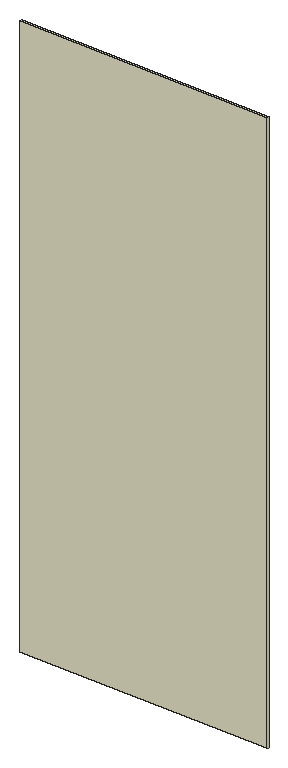
Revit family "CLAD (Smooth) Circles", category Generic Models, Revit 2017
Family settings
  Can host rebar = No
  Round Connector Dimension = Use Diameter
  Part Type = Normal
  Work Plane-Based = No
  Always vertical = Yes
  Cut with Voids When Loaded = No
  Shared = Yes
  Room Calculation Point = No
Parameters (values of type "2745 x 1200")
  Primed Finich Code = "EX27 CL-CIR"  # constant formula
  Panel_width = 1200 mm  # constant formula
  Panel_thickness = 9.5 mm  # constant formula
  Material = none
  URL = "https://www.easycraft.com.au/products/253/expression-series"
  Model = "Expression Series - Circles"  # constant formula
  Manufacturer = "Easycraft Australia Pty Ltd ph 07 3906 7200"  # constant formula
  Panel_height = 2745 mm  # constant formula
  Description = "MDF CLAD Smooth"  # constant formula
  Assembly Code = ""
Reference planes
  plane 1 "Center (Front/Back)": y = 0
  plane 2: z = 0
  plane 3 "Center (Left/Right)": x = 0
  plane 4 "Panel face": y = -9.5
  plane 5 "Panel_top": z = 2745
Forms (mm)
  Extrusion 1, solid, material "CLAD smooth"
    sketch origin (0, 0, 2720) x (0, -1, 0) y (1, 0, 0)
      loop
        line (0, 0) -> (9.5, 0) -> (9.5, 1200) -> (0, 1200) -> (0, 0)
    from -2720 to 25
Lines and regions (mm)
  model lines, style "GenericModel"
    curve 1: circle (341.97, -9.5, 1294.19) r 253.912 normal (0, -1, 0)
    curve 2: circle (680.52, -9.5, 1648.34) r 221.288 normal (0, -1, 0)
    curve 3: circle (504.33, -9.5, 2309.5) r 221.288 normal (0, -1, 0)
    curve 4: circle (598.12, -9.5, 430.57) r 213.856 normal (0, -1, 0)
    curve 5: circle (925.01, -9.5, 1322.83) r 180.794 normal (0, -1, 0)
    curve 6: circle (816.13, -9.5, 840.4) r 176.893 normal (0, -1, 0)
    curve 7: circle (493.43, -9.5, 903.62) r 139.799 normal (0, -1, 0)
    curve 8: circle (1010.29, -9.5, 1826.35) r 139.799 normal (0, -1, 0)
    curve 9: circle (351.75, -9.5, 1946.22) r 139.799 normal (0, -1, 0)
    curve 10: circle (878.16, -9.5, 2203.52) r 139.799 normal (0, -1, 0)
    curve 11: circle (344.44, -9.5, 680.58) r 122.332 normal (0, -1, 0)
    curve 12: circle (228.48, -9.5, 2551.95) r 120.386 normal (0, -1, 0)
    curve 13: circle (889.1, -9.5, 2468.33) r 115.447 normal (0, -1, 0)
    curve 14: circle (936.95, -9.5, 432.06) r 111.864 normal (0, -1, 0)
    curve 15: circle (887.69, -9.5, 142.73) r 111.669 normal (0, -1, 0)
    curve 16: circle (263.65, -9.5, 438.99) r 106.653 normal (0, -1, 0)
    curve 17: circle (692.42, -9.5, 2584.63) r 104.424 normal (0, -1, 0)
    curve 18: circle (1083.75, -9.5, 2357.03) r 103.198 normal (0, -1, 0)
    curve 19: circle (1096.1, -9.5, 2071.56) r 102.885 normal (0, -1, 0)
    curve 20: circle (101.53, -9.5, 2072.49) r 100.994 normal (0, -1, 0)
    curve 21: circle (350.01, -9.5, 1684.04) r 100.406 normal (0, -1, 0)
    curve 22: circle (682, -9.5, 1156.88) r 99.335 normal (0, -1, 0)
    curve 23: circle (249.86, -9.5, 927.87) r 97.717 normal (0, -1, 0)
    curve 24: circle (809.48, -9.5, 1960.75) r 87.661 normal (0, -1, 0)
    curve 25: circle (192.19, -9.5, 2313.52) r 83.468 normal (0, -1, 0)
    curve 26: circle (165.49, -9.5, 1669.12) r 76.396 normal (0, -1, 0)
    curve 27: circle (989.71, -9.5, 1031.58) r 71.905 normal (0, -1, 0)
    curve 28: circle (566.08, -9.5, 2009.8) r 70 normal (0, -1, 0)
    curve 29: circle (985.67, -9.5, 2634.63) r 70 normal (0, -1, 0)
    curve 30: circle (990.65, -9.5, 1577.16) r 69.938 normal (0, -1, 0)
    curve 31: circle (922.46, -9.5, 615.56) r 66.095 normal (0, -1, 0)
    curve 32: circle (1131.4, -9.5, 1006.89) r 64.735 normal (0, -1, 0)
    curve 33: circle (256.55, -9.5, 2146.13) r 61.797 normal (0, -1, 0)
    curve 34: circle (81.46, -9.5, 1003.36) r 61.666 normal (0, -1, 0)
    curve 35: circle (846.72, -9.5, 1086.64) r 59.98 normal (0, -1, 0)
    curve 36: circle (528.55, -9.5, 700.87) r 57.589 normal (0, -1, 0)
    curve 37: circle (707.76, -9.5, 2082.45) r 57.037 normal (0, -1, 0)
    curve 38: circle (1138.24, -9.5, 2516.57) r 57.037 normal (0, -1, 0)
    curve 39: circle (851.09, -9.5, 2642.34) r 56.775 normal (0, -1, 0)
    curve 40: circle (56.23, -9.5, 2360.25) r 55.247 normal (0, -1, 0)
    curve 41: circle (58.88, -9.5, 2480.9) r 52.97 normal (0, -1, 0)
    curve 42: circle (681.91, -9.5, 160.71) r 52.796 normal (0, -1, 0)
    curve 43: circle (364.71, -9.5, 2665.31) r 51.577 normal (0, -1, 0)
    curve 44: circle (649.49, -9.5, 1367.19) r 50.736 normal (0, -1, 0)
    curve 45: circle (170.87, -9.5, 1868.27) r 50.557 normal (0, -1, 0)
    curve 46: circle (942.7, -9.5, 2015.33) r 49.881 normal (0, -1, 0)
    curve 47: circle (401.5, -9.5, 2565.87) r 48.817 normal (0, -1, 0)
    curve 48: circle (1058.04, -9.5, 200.43) r 47.277 normal (0, -1, 0)
    curve 49: circle (801.05, -9.5, 608.12) r 47.345 normal (0, -1, 0)
    curve 50: circle (551.86, -9.5, 2660.22) r 46.595 normal (0, -1, 0)
    curve 51: circle (194.24, -9.5, 292.7) r 46.093 normal (0, -1, 0)
    curve 52: circle (1074.45, -9.5, 1127.66) r 44.218 normal (0, -1, 0)
    curve 53: circle (636.89, -9.5, 690.35) r 44.11 normal (0, -1, 0)
    curve 54: circle (1152.37, -9.5, 1338.25) r 43.672 normal (0, -1, 0)
    curve 55: circle (240.93, -9.5, 1788.65) r 43.409 normal (0, -1, 0)
    curve 56: circle (838.13, -9.5, 300.34) r 41.86 normal (0, -1, 0)
    curve 57: circle (289.01, -9.5, 277.66) r 41.503 normal (0, -1, 0)
    curve 58: circle (671.43, -9.5, 1920.79) r 40.827 normal (0, -1, 0)
    curve 59: circle (47.21, -9.5, 1340.92) r 40.678 normal (0, -1, 0)
    curve 60: circle (196.57, -9.5, 141.2) r 39.226 normal (0, -1, 0)
    curve 61: circle (183.16, -9.5, 1542.83) r 38.603 normal (0, -1, 0)
    curve 62: circle (1143.55, -9.5, 1251.81) r 37.994 normal (0, -1, 0)
    curve 63: circle (364.41, -9.5, 320.16) r 37.7 normal (0, -1, 0)
    curve 64: circle (452.54, -9.5, 1793.72) r 37.689 normal (0, -1, 0)
    curve 65: circle (115.57, -9.5, 1102.8) r 37.174 normal (0, -1, 0)
    curve 66: circle (554.74, -9.5, 1083.91) r 36.965 normal (0, -1, 0)
    curve 67: circle (1037.12, -9.5, 926.81) r 36.732 normal (0, -1, 0)
    curve 68: circle (175.09, -9.5, 1049.81) r 36.307 normal (0, -1, 0)
    curve 69: circle (546.82, -9.5, 2569.61) r 36.058 normal (0, -1, 0)
    curve 70: circle (601.71, -9.5, 97.02) r 36.004 normal (0, -1, 0)
    curve 71: circle (1033.45, -9.5, 2533.39) r 36.003 normal (0, -1, 0)
    curve 72: circle (615.13, -9.5, 1034.86) r 35.908 normal (0, -1, 0)
    curve 73: circle (40.22, -9.5, 1257.65) r 35.819 normal (0, -1, 0)
    curve 74: circle (522.4, -9.5, 1868.69) r 35.685 normal (0, -1, 0)
    curve 75: circle (480.06, -9.5, 2610.62) r 34.912 normal (0, -1, 0)
    curve 76: circle (1076.61, -9.5, 490.46) r 34.764 normal (0, -1, 0)
    curve 77: circle (126.05, -9.5, 490.9) r 34.662 normal (0, -1, 0)
    curve 78: circle (233.97, -9.5, 217.58) r 34.616 normal (0, -1, 0)
    curve 79: circle (218.87, -9.5, 577.75) r 33.836 normal (0, -1, 0)
    curve 80: circle (590.08, -9.5, 178.51) r 33.701 normal (0, -1, 0)
    curve 81: circle (734.64, -9.5, 2447.32) r 33.256 normal (0, -1, 0)
    curve 82: circle (689.19, -9.5, 1018.57) r 32.888 normal (0, -1, 0)
    curve 83: circle (105.86, -9.5, 1931.78) r 32.488 normal (0, -1, 0)
    curve 84: circle (1079.74, -9.5, 1653.73) r 31.811 normal (0, -1, 0)
    curve 85: circle (680.25, -9.5, 49.58) r 31.005 normal (0, -1, 0)
    curve 86: circle (247.38, -9.5, 1593.37) r 30.93 normal (0, -1, 0)
    curve 87: circle (593.33, -9.5, 1900.81) r 30.882 normal (0, -1, 0)
    curve 88: circle (165.88, -9.5, 2195.27) r 30.9 normal (0, -1, 0)
    curve 89: circle (610.16, -9.5, 767.59) r 30.366 normal (0, -1, 0)
    curve 90: circle (97.11, -9.5, 1824.77) r 30.288 normal (0, -1, 0)
    curve 91: circle (632.54, -9.5, 1283.12) r 29.964 normal (0, -1, 0)
    curve 92: circle (470.12, -9.5, 2682.21) r 29.916 normal (0, -1, 0)
    curve 93: circle (707.25, -9.5, 1292.63) r 29.496 normal (0, -1, 0)
    curve 94: circle (134.12, -9.5, 2425.79) r 28.565 normal (0, -1, 0)
    curve 95: circle (110.95, -9.5, 1763.52) r 28.123 normal (0, -1, 0)
    curve 96: circle (169.87, -9.5, 1954.96) r 27.825 normal (0, -1, 0)
    curve 97: circle (722.37, -9.5, 650.25) r 27.497 normal (0, -1, 0)
    curve 98: circle (102.55, -9.5, 2223.83) r 27.525 normal (0, -1, 0)
    curve 99: circle (983.15, -9.5, 288.05) r 27.357 normal (0, -1, 0)
    curve 100: circle (134.37, -9.5, 228.39) r 27.317 normal (0, -1, 0)
    curve 101: circle (761.84, -9.5, 1047.63) r 27.161 normal (0, -1, 0)
    curve 102: circle (1146.81, -9.5, 467.64) r 26.734 normal (0, -1, 0)
    curve 103: circle (436.85, -9.5, 1569.01) r 26.706 normal (0, -1, 0)
    curve 104: circle (356.12, -9.5, 1008.63) r 26.326 normal (0, -1, 0)
    curve 105: circle (750.61, -9.5, 79.43) r 26.195 normal (0, -1, 0)
    curve 106: circle (245.78, -9.5, 799.65) r 25.192 normal (0, -1, 0)
    curve 107: circle (921.8, -9.5, 284.91) r 25.088 normal (0, -1, 0)
    curve 108: circle (373.02, -9.5, 529.53) r 24.727 normal (0, -1, 0)
    curve 109: circle (171.13, -9.5, 535.65) r 24.446 normal (0, -1, 0)
    curve 110: circle (765.75, -9.5, 251.44) r 24.193 normal (0, -1, 0)
    curve 111: circle (986.18, -9.5, 30.69) r 23.972 normal (0, -1, 0)
    curve 112: circle (1102.01, -9.5, 1199.93) r 24.015 normal (0, -1, 0)
    curve 113: circle (939.89, -9.5, 1666.89) r 23.925 normal (0, -1, 0)
    curve 114: circle (271.55, -9.5, 2404.5) r 23.87 normal (0, -1, 0)
    curve 115: circle (848.74, -9.5, 546.8) r 23.193 normal (0, -1, 0)
    curve 116: circle (77.44, -9.5, 2563.99) r 23.17 normal (0, -1, 0)
    curve 117: circle (61.97, -9.5, 1675.2) r 23.073 normal (0, -1, 0)
    curve 118: circle (725.53, -9.5, 1395.94) r 22.944 normal (0, -1, 0)
    curve 119: circle (793.28, -9.5, 28.85) r 22.819 normal (0, -1, 0)
    curve 120: circle (1080.9, -9.5, 422.27) r 22.756 normal (0, -1, 0)
    curve 121: circle (81.86, -9.5, 2276.28) r 22.557 normal (0, -1, 0)
    curve 122: circle (770.61, -9.5, 2388.89) r 22.533 normal (0, -1, 0)
    curve 123: circle (29.68, -9.5, 471.39) r 22.365 normal (0, -1, 0)
    curve 124: circle (215.12, -9.5, 62.74) r 22.164 normal (0, -1, 0)
    curve 125: circle (164.83, -9.5, 1786.13) r 22.222 normal (0, -1, 0)
    curve 126: circle (174.52, -9.5, 2690.93) r 22.211 normal (0, -1, 0)
    curve 127: circle (1043.46, -9.5, 320.07) r 21.826 normal (0, -1, 0)
    curve 128: circle (338.48, -9.5, 835.37) r 21.331 normal (0, -1, 0)
    curve 129: circle (287.3, -9.5, 2690.16) r 20.869 normal (0, -1, 0)
    curve 130: circle (298.54, -9.5, 1568.95) r 20.463 normal (0, -1, 0)
    curve 131: circle (225.97, -9.5, 2056.57) r 20.513 normal (0, -1, 0)
    curve 132: circle (87.61, -9.5, 187.13) r 20.439 normal (0, -1, 0)
    curve 133: circle (805.89, -9.5, 2352.43) r 20.185 normal (0, -1, 0)
    curve 134: circle (593.79, -9.5, 1416.95) r 20.047 normal (0, -1, 0)
    curve 135: circle (673.25, -9.5, 1991.63) r 20 normal (0, -1, 0)
    curve 136: circle (342.67, -9.5, 2116.96) r 20 normal (0, -1, 0)
    curve 137: circle (758.62, -9.5, 2336.74) r 20 normal (0, -1, 0)
    curve 138: circle (1080.12, -9.5, 2587.4) r 20 normal (0, -1, 0)
    curve 139: circle (150.09, -9.5, 354.56) r 19.585 normal (0, -1, 0)
    curve 140: circle (1059.72, -9.5, 369.37) r 19.336 normal (0, -1, 0)
    curve 141: circle (1028.66, -9.5, 119.21) r 19.213 normal (0, -1, 0)
    curve 142: circle (89.08, -9.5, 443.69) r 19.17 normal (0, -1, 0)
    curve 143: circle (720.77, -9.5, 1348.26) r 19.07 normal (0, -1, 0)
    curve 144: circle (479.32, -9.5, 2552.65) r 18.797 normal (0, -1, 0)
    curve 145: circle (87.46, -9.5, 1879.3) r 18.572 normal (0, -1, 0)
    curve 146: circle (80.13, -9.5, 1720.25) r 18.333 normal (0, -1, 0)
    curve 147: circle (48.03, -9.5, 1748.84) r 18.021 normal (0, -1, 0)
    curve 148: circle (232.65, -9.5, 2696.75) r 17.854 normal (0, -1, 0)
    curve 149: circle (136.02, -9.5, 164.58) r 17.393 normal (0, -1, 0)
    curve 150: circle (51.8, -9.5, 1851.62) r 16.801 normal (0, -1, 0)
    curve 151: circle (186.06, -9.5, 2417.18) r 16.592 normal (0, -1, 0)
    curve 152: circle (295.86, -9.5, 815.33) r 16.091 normal (0, -1, 0)
    curve 153: circle (233.42, -9.5, 1044.51) r 16.01 normal (0, -1, 0)
    curve 154: circle (66.07, -9.5, 1784.49) r 16 normal (0, -1, 0)
    curve 155: circle (135.25, -9.5, 403.53) r 15.74 normal (0, -1, 0)
    curve 156: circle (27.94, -9.5, 2554.27) r 15.627 normal (0, -1, 0)
    curve 157: circle (97.43, -9.5, 1165.22) r 15.435 normal (0, -1, 0)
    curve 158: circle (80.01, -9.5, 1206.6) r 15.148 normal (0, -1, 0)
    curve 159: circle (391.55, -9.5, 1567.4) r 14.756 normal (0, -1, 0)
    curve 160: circle (758.15, -9.5, 198.55) r 14.706 normal (0, -1, 0)
    curve 161: circle (735.84, -9.5, 2369.22) r 14.414 normal (0, -1, 0)
    curve 162: circle (721.42, -9.5, 229.16) r 14.188 normal (0, -1, 0)
    curve 163: circle (225.17, -9.5, 2412.16) r 13.645 normal (0, -1, 0)
    curve 164: circle (348.15, -9.5, 1567.01) r 13.383 normal (0, -1, 0)
    curve 165: circle (243.16, -9.5, 1545.09) r 13.069 normal (0, -1, 0)
    curve 166: circle (727.47, -9.5, 2398.7) r 12.921 normal (0, -1, 0)
    curve 167: circle (71.94, -9.5, 491.58) r 12.291 normal (0, -1, 0)
    curve 168: circle (433.36, -9.5, 2637.21) r 11.851 normal (0, -1, 0)
    curve 169: circle (506.98, -9.5, 1816.1) r 11.632 normal (0, -1, 0)
    curve 170: circle (473.42, -9.5, 1847.89) r 11.632 normal (0, -1, 0)
    curve 171: circle (524.31, -9.5, 1926.24) r 11.632 normal (0, -1, 0)
    curve 172: circle (479.19, -9.5, 2061.09) r 11.632 normal (0, -1, 0)
    curve 173: circle (138.22, -9.5, 1809.66) r 9.732 normal (0, -1, 0)
    curve 174: circle (143.48, -9.5, 1581.54) r 9.25 normal (0, -1, 0)
    curve 175: circle (269.94, -9.5, 1551.86) r 8.764 normal (0, -1, 0)
    curve 176: circle (53.24, -9.5, 1714.66) r 6.889 normal (0, -1, 0)
    curve 177: circle (204.45, -9.5, 1589.28) r 6.78 normal (0, -1, 0)
    curve 178: circle (57.26, -9.5, 1818.47) r 5.46 normal (0, -1, 0)
    curve 179: arc (1200, -9.5, 177.875) -> (1074.224, -9.5, 125.776) -> (1022.125, -9.5, 0) r 177.875
    curve 180: arc (0, -9.5, 194.643) -> (124.247, -9.5, 318.89) -> (0, -9.5, 443.137) r 124.247
    curve 181: arc (1200, -9.5, 443.137) -> (1075.753, -9.5, 318.89) -> (1200, -9.5, 194.643) r 124.247
    curve 182: arc (177.875, -9.5, 0) -> (125.776, -9.5, 125.776) -> (0, -9.5, 177.875) r 177.875
    curve 183: arc (263.787, -9.5, -1.44) -> (233.67, -9.5, 30.841) -> (202.08, -9.5, 0) r 30.87
    curve 184: arc (686.416, -9.5, 0) -> (608.57, -9.5, 32.515) -> (530.724, -9.5, 0) r 109.445
    curve 185: arc (524.109, -9.5, 0) -> (400.61, -9.5, 263.387) -> (277.111, -9.5, 0) r 160.647
    curve 186: arc (0, -9.5, 1067.132) -> (78.198, -9.5, 1145.33) -> (0, -9.5, 1223.528) r 78.198
    curve 187: arc (1200, -9.5, 1223.528) -> (1121.802, -9.5, 1145.33) -> (1200, -9.5, 1067.132) r 78.198
    curve 188: arc (0, -9.5, 1662.385) -> (43.485, -9.5, 1705.87) -> (0, -9.5, 1749.355) r 43.485
    curve 189: arc (1200, -9.5, 1749.355) -> (1156.515, -9.5, 1705.87) -> (1200, -9.5, 1662.385) r 43.485
    curve 190: arc (0, -9.5, 1751.946) -> (49.174, -9.5, 1801.12) -> (0, -9.5, 1850.294) r 49.174
    curve 191: arc (1200, -9.5, 1850.294) -> (1150.826, -9.5, 1801.12) -> (1200, -9.5, 1751.946) r 49.174
    curve 192: arc (0, -9.5, 1855.718) -> (69.262, -9.5, 1924.98) -> (0, -9.5, 1994.242) r 69.262
    curve 193: arc (1200, -9.5, 1994.242) -> (1130.738, -9.5, 1924.98) -> (1200, -9.5, 1855.718) r 69.262
    curve 194: arc (0, -9.5, 2154.469) -> (65.531, -9.5, 2220) -> (0, -9.5, 2285.531) r 65.531
    curve 195: arc (1200, -9.5, 2285.531) -> (1134.469, -9.5, 2220) -> (1200, -9.5, 2154.469) r 65.531
    curve 196: arc (0, -9.5, 498.712) -> (221.288, -9.5, 720) -> (0, -9.5, 941.288) r 221.288
    curve 197: arc (1200, -9.5, 941.288) -> (978.712, -9.5, 720) -> (1200, -9.5, 498.712) r 221.288
    curve 198: arc (0, -9.5, 2580.201) -> (107.328, -9.5, 2630.421) -> (137.546, -9.5, 2745) r 139.799
    curve 199: arc (1062.454, -9.5, 2745) -> (1092.672, -9.5, 2630.421) -> (1200, -9.5, 2580.201) r 139.799
    curve 200: arc (0, -9.5, 1380.201) -> (139.799, -9.5, 1520) -> (0, -9.5, 1659.799) r 139.799
    curve 201: arc (1200, -9.5, 1659.799) -> (1060.201, -9.5, 1520) -> (1200, -9.5, 1380.201) r 139.799
Dimensions and locks
  "Panel_thickness": plane 4 "Panel face" to plane 1 "Center (Front/Back)"
  "Panel_height": plane 5 "Panel_top" to plane 2
  "Panel_width": Extrusion 1 to Extrusion 1
  aligned and locked: level to plane 2
  aligned and locked: Extrusion 1 to level
  aligned and locked: plane 4 "Panel face" to Extrusion 1
  aligned and locked: Extrusion 1 to plane 5 "Panel_top"
Automatic sketch dimensions
  plane 1 "Center (Front/Back)" to Extrusion 1 sketch curve = 0 mm
  Extrusion 1 sketch curve to plane 3 "Center (Left/Right)" = 0 mm
  plane 4 "Panel face" to Extrusion 1 sketch curve = 0 mm
  Extrusion 1 sketch curve to Extrusion 1 sketch curve = 1200 mm
  curve 190 to plane 3 "Center (Left/Right)" = 0 mm
  curve 200 to plane 3 "Center (Left/Right)" = 0 mm
  curve 180 to plane 3 "Center (Left/Right)" = 0 mm
  curve 198 to plane 3 "Center (Left/Right)" = 0 mm
  curve 196 to plane 3 "Center (Left/Right)" = 0 mm
  curve 194 to plane 3 "Center (Left/Right)" = 0 mm
  curve 192 to plane 3 "Center (Left/Right)" = 0 mm
  curve 182 to level = 0 mm
  curve 182 to plane 3 "Center (Left/Right)" = 0 mm
  curve 186 to plane 3 "Center (Left/Right)" = 0 mm
  curve 188 to plane 3 "Center (Left/Right)" = 0 mm
  curve 183 to level = 0 mm
  curve 185 to level = 0 mm  (x2)
  curve 184 to level = 0 mm  (x2)
  curve 179 to level = 0 mm
  plane 3 "Center (Left/Right)" to curve 156 = 27.94 mm
  plane 3 "Center (Left/Right)" to curve 123 = 29.68 mm
  plane 3 "Center (Left/Right)" to curve 73 = 40.22 mm
  plane 3 "Center (Left/Right)" to curve 59 = 47.21 mm
  plane 3 "Center (Left/Right)" to curve 147 = 48.03 mm
  plane 3 "Center (Left/Right)" to curve 150 = 51.8 mm
  curve 147 to curve 176 = 5.21 mm
  plane 3 "Center (Left/Right)" to curve 40 = 56.23 mm
  curve 150 to curve 178 = 5.46 mm
  plane 3 "Center (Left/Right)" to curve 41 = 58.88 mm
  curve 176 to curve 117 = 8.73 mm
  curve 178 to curve 154 = 8.81 mm
  curve 123 to curve 167 = 42.26 mm
  curve 156 to curve 116 = 49.5 mm
  curve 73 to curve 158 = 39.79 mm
  curve 176 to curve 146 = 26.89 mm
  plane 3 "Center (Left/Right)" to curve 34 = 81.46 mm
  plane 3 "Center (Left/Right)" to curve 121 = 81.86 mm
  curve 150 to curve 145 = 35.66 mm
  plane 3 "Center (Left/Right)" to curve 132 = 87.61 mm
  curve 167 to curve 142 = 17.14 mm
  curve 178 to curve 90 = 39.85 mm
  curve 158 to curve 157 = 17.42 mm
  plane 3 "Center (Left/Right)" to curve 20 = 101.53 mm
  curve 121 to curve 98 = 20.69 mm
  curve 145 to curve 83 = 18.4 mm
  curve 154 to curve 95 = 44.88 mm
  curve 157 to curve 65 = 18.14 mm
  curve 167 to curve 77 = 54.11 mm
  curve 41 to curve 94 = 75.24 mm
  curve 132 to curve 100 = 46.76 mm
  curve 142 to curve 155 = 46.17 mm
  curve 132 to curve 149 = 48.41 mm
  curve 90 to curve 173 = 41.11 mm
  curve 117 to curve 174 = 81.51 mm
  curve 155 to curve 139 = 14.84 mm
  curve 173 to curve 125 = 26.61 mm
  curve 174 to curve 26 = 22.01 mm
  curve 98 to curve 88 = 63.33 mm
  curve 83 to curve 96 = 64.01 mm
  curve 173 to curve 45 = 32.65 mm
  curve 77 to curve 109 = 45.08 mm
  plane 5 "Panel_top" to curve 126 = 54.07 mm
  curve 116 to curve 126 = 97.08 mm
  curve 65 to curve 68 = 59.52 mm
  curve 174 to curve 61 = 39.68 mm
  curve 94 to curve 151 = 51.94 mm
  curve 151 to curve 25 = 6.13 mm
  curve 139 to curve 51 = 44.15 mm
  curve 149 to curve 60 = 60.55 mm
  curve 61 to curve 177 = 21.29 mm
  curve 60 to curve 124 = 18.55 mm
  curve 109 to curve 79 = 47.74 mm
  curve 151 to curve 163 = 39.11 mm
  curve 96 to curve 131 = 56.1 mm
  curve 163 to curve 12 = 3.31 mm
  curve 126 to curve 148 = 58.13 mm
  curve 183 to level = 0.02 mm
  curve 124 to curve 183 = 17.83 mm
  curve 68 to curve 153 = 58.33 mm
  curve 51 to curve 78 = 39.73 mm
  curve 125 to curve 55 = 76.1 mm
  curve 177 to curve 165 = 38.71 mm
  curve 79 to curve 106 = 26.91 mm
  curve 177 to curve 86 = 42.93 mm
  curve 153 to curve 23 = 16.44 mm
  curve 131 to curve 33 = 30.58 mm
  curve 155 to curve 16 = 128.4 mm
  curve 165 to curve 175 = 26.78 mm
  curve 163 to curve 114 = 46.38 mm
  curve 148 to curve 129 = 54.65 mm
  curve 78 to curve 57 = 55.04 mm
  curve 106 to curve 152 = 50.08 mm
  curve 175 to curve 130 = 28.6 mm
  curve 152 to curve 128 = 42.62 mm
  curve 175 to curve 1 = 72.03 mm
  curve 33 to curve 136 = 86.12 mm
  curve 152 to curve 11 = 48.58 mm
  curve 130 to curve 164 = 49.61 mm
  curve 164 to curve 21 = 1.86 mm
  curve 131 to curve 9 = 125.78 mm
  curve 153 to curve 104 = 122.7 mm
  curve 57 to curve 63 = 75.4 mm
  curve 129 to curve 43 = 77.41 mm
  curve 16 to curve 108 = 109.37 mm
  curve 164 to curve 159 = 43.4 mm
  curve 124 to curve 185 = 185.49 mm
  curve 43 to curve 47 = 36.79 mm
  curve 43 to curve 168 = 68.65 mm
  curve 159 to curve 103 = 45.3 mm
  curve 21 to curve 64 = 102.53 mm
  curve 168 to curve 92 = 36.76 mm
  curve 64 to curve 170 = 20.88 mm
  curve 136 to curve 172 = 136.52 mm
  curve 47 to curve 144 = 77.82 mm
  curve 168 to curve 75 = 46.7 mm
  curve 128 to curve 7 = 154.95 mm
  curve 144 to curve 3 = 25.01 mm
  curve 170 to curve 169 = 33.56 mm
  curve 170 to curve 74 = 48.98 mm
  curve 74 to curve 171 = 1.91 mm
  curve 11 to curve 36 = 184.11 mm
  curve 144 to curve 69 = 67.5 mm
  curve 92 to curve 50 = 81.74 mm
  curve 7 to curve 66 = 61.31 mm
  curve 171 to curve 28 = 41.77 mm
  curve 185 to curve 80 = 189.47 mm
  curve 171 to curve 87 = 69.02 mm
  curve 103 to curve 134 = 156.94 mm
  curve 108 to curve 4 = 225.1 mm
  curve 80 to curve 70 = 11.63 mm
  curve 184 to level = 76.93 mm
  curve 70 to curve 184 = 6.86 mm
  curve 36 to curve 89 = 81.61 mm
  curve 66 to curve 72 = 60.39 mm
  curve 134 to curve 91 = 38.75 mm
  curve 89 to curve 53 = 26.73 mm
  curve 134 to curve 44 = 55.7 mm
  curve 87 to curve 58 = 78.1 mm
  curve 58 to curve 135 = 1.82 mm
  curve 70 to curve 85 = 78.54 mm
  curve 169 to curve 2 = 173.54 mm
  curve 80 to curve 42 = 91.83 mm
  curve 91 to curve 22 = 49.46 mm
  curve 72 to curve 82 = 74.06 mm
  curve 69 to curve 17 = 145.6 mm
  curve 91 to curve 93 = 74.71 mm
  curve 135 to curve 37 = 34.51 mm
  curve 93 to curve 143 = 13.52 mm
  curve 42 to curve 162 = 39.51 mm
  curve 53 to curve 97 = 85.48 mm
  curve 143 to curve 118 = 4.76 mm
  curve 17 to curve 166 = 35.05 mm
  curve 166 to curve 81 = 7.17 mm
  curve 166 to curve 161 = 8.37 mm
  curve 85 to curve 105 = 70.36 mm
  curve 162 to curve 160 = 36.73 mm
  curve 161 to curve 137 = 22.78 mm
  curve 82 to curve 101 = 72.65 mm
  curve 162 to curve 110 = 44.33 mm
  curve 161 to curve 122 = 34.77 mm
  level to curve 119 = 28.85 mm
  curve 105 to curve 119 = 42.67 mm
  curve 97 to curve 49 = 78.68 mm
  curve 137 to curve 133 = 47.27 mm
  curve 135 to curve 24 = 136.23 mm
  curve 97 to curve 6 = 93.76 mm
  curve 110 to curve 56 = 72.38 mm
  curve 101 to curve 35 = 84.88 mm
  curve 49 to curve 115 = 47.69 mm
  curve 17 to curve 39 = 158.67 mm
  curve 133 to curve 10 = 72.27 mm
  curve 160 to curve 15 = 129.54 mm
  curve 122 to curve 13 = 118.49 mm
  curve 56 to curve 107 = 83.67 mm
  curve 115 to curve 31 = 73.72 mm
  curve 143 to curve 5 = 204.24 mm
  curve 115 to curve 14 = 88.21 mm
  curve 2 to curve 113 = 259.37 mm
  curve 24 to curve 46 = 133.22 mm
  curve 107 to curve 99 = 61.35 mm
  curve 39 to curve 29 = 134.58 mm
  level to curve 111 = 30.69 mm
  curve 15 to curve 111 = 98.49 mm
  curve 35 to curve 27 = 142.99 mm
  curve 113 to curve 30 = 50.76 mm
  curve 113 to curve 8 = 70.4 mm
  curve 111 to curve 141 = 42.48 mm
  curve 29 to curve 71 = 47.78 mm
  curve 27 to curve 67 = 47.41 mm
  curve 99 to curve 127 = 60.31 mm
  curve 141 to curve 48 = 29.38 mm
  curve 127 to curve 140 = 16.26 mm
  curve 27 to curve 52 = 84.74 mm
  curve 140 to curve 76 = 16.89 mm
  curve 30 to curve 84 = 89.09 mm
  curve 71 to curve 138 = 46.67 mm
  curve 140 to curve 120 = 21.18 mm
  curve 71 to curve 18 = 50.3 mm
  curve 46 to curve 19 = 153.4 mm
  curve 52 to curve 112 = 27.56 mm
  curve 67 to curve 32 = 94.28 mm
  curve 138 to curve 38 = 58.12 mm
  curve 112 to curve 62 = 41.54 mm
  curve 76 to curve 102 = 70.2 mm
  curve 62 to curve 54 = 8.82 mm
  curve 19 to curve 193 = 103.9 mm
  curve 112 to curve 187 = 97.99 mm
  curve 18 to curve 195 = 116.25 mm
  curve 193 to curve 191 = 0 mm
  curve 102 to curve 197 = 53.19 mm
  curve 140 to curve 181 = 140.28 mm
  plane 5 "Panel_top" to curve 199 = 25 mm
  curve 138 to curve 199 = 119.88 mm
  curve 181 to curve 179 = 0 mm
  curve 191 to curve 189 = 0 mm
  curve 189 to curve 201 = 0 mm
  level to curve 85 = 49.58 mm
  level to curve 124 = 62.74 mm
  curve 119 to curve 105 = 50.58 mm
  curve 85 to curve 70 = 47.44 mm
  level to curve 185 = 102.74 mm
  curve 111 to curve 141 = 88.52 mm
  curve 124 to curve 60 = 78.46 mm
  level to curve 15 = 142.73 mm
  curve 70 to curve 42 = 63.69 mm
  curve 60 to curve 149 = 23.38 mm
  curve 70 to curve 80 = 81.49 mm
  curve 149 to curve 132 = 22.55 mm
  curve 42 to curve 160 = 37.84 mm
  curve 141 to curve 48 = 81.22 mm
  curve 60 to curve 78 = 76.38 mm
  curve 132 to curve 100 = 41.26 mm
  curve 160 to curve 162 = 30.61 mm
  curve 162 to curve 110 = 22.28 mm
  curve 78 to curve 57 = 60.08 mm
  curve 15 to curve 107 = 142.18 mm
  curve 107 to curve 99 = 3.14 mm
  curve 78 to curve 51 = 75.12 mm
  curve 107 to curve 56 = 15.43 mm
  curve 132 to curve 180 = 131.76 mm
  curve 48 to curve 181 = 118.46 mm
  curve 99 to curve 127 = 32.02 mm
  curve 57 to curve 63 = 42.5 mm
  curve 51 to curve 139 = 61.86 mm
  curve 127 to curve 140 = 49.3 mm
  curve 139 to curve 155 = 48.97 mm
  curve 140 to curve 120 = 52.9 mm
  curve 162 to curve 4 = 201.41 mm
  curve 140 to curve 14 = 62.69 mm
  curve 155 to curve 16 = 35.46 mm
  curve 155 to curve 142 = 40.16 mm
  curve 120 to curve 102 = 45.37 mm
  curve 142 to curve 123 = 27.7 mm
  curve 120 to curve 76 = 68.19 mm
  curve 142 to curve 77 = 47.21 mm
  curve 123 to curve 167 = 20.19 mm
  curve 16 to curve 108 = 90.54 mm
  curve 77 to curve 109 = 44.75 mm
  curve 14 to curve 115 = 114.74 mm
  curve 109 to curve 79 = 42.1 mm
  curve 115 to curve 49 = 61.32 mm
  curve 115 to curve 31 = 68.76 mm
  curve 49 to curve 97 = 42.13 mm
  curve 108 to curve 11 = 151.05 mm
  curve 97 to curve 53 = 40.1 mm
  curve 53 to curve 36 = 10.52 mm
  curve 167 to curve 196 = 228.42 mm
  curve 102 to curve 197 = 252.36 mm
  curve 53 to curve 89 = 77.24 mm
  curve 11 to curve 106 = 119.07 mm
  curve 106 to curve 152 = 15.68 mm
  curve 152 to curve 128 = 20.04 mm
  curve 97 to curve 6 = 190.15 mm
  curve 128 to curve 7 = 68.25 mm
  curve 6 to curve 67 = 86.41 mm
  curve 152 to curve 23 = 112.54 mm
  curve 23 to curve 34 = 75.49 mm
  curve 67 to curve 32 = 80.08 mm
  curve 23 to curve 104 = 80.76 mm
  curve 6 to curve 82 = 178.17 mm
  curve 67 to curve 27 = 104.77 mm
  curve 82 to curve 72 = 16.29 mm
  curve 23 to curve 153 = 116.64 mm
  curve 82 to curve 101 = 29.06 mm
  curve 153 to curve 68 = 5.3 mm
  curve 72 to curve 66 = 49.05 mm
  curve 101 to curve 35 = 39.01 mm
  curve 68 to curve 65 = 52.99 mm
  curve 27 to curve 52 = 96.08 mm
  curve 65 to curve 186 = 42.53 mm
  curve 52 to curve 187 = 17.67 mm
  curve 101 to curve 22 = 109.25 mm
  curve 65 to curve 157 = 62.42 mm
  curve 52 to curve 112 = 72.27 mm
  curve 157 to curve 158 = 41.38 mm
  curve 112 to curve 62 = 51.88 mm
  curve 158 to curve 73 = 51.05 mm
  curve 22 to curve 91 = 126.24 mm
  curve 91 to curve 93 = 9.51 mm
  curve 153 to curve 1 = 249.68 mm
  curve 112 to curve 5 = 122.9 mm
  curve 62 to curve 54 = 86.44 mm
  curve 73 to curve 59 = 83.27 mm
  curve 93 to curve 143 = 55.63 mm
  curve 143 to curve 44 = 18.93 mm
  curve 143 to curve 118 = 47.68 mm
  curve 44 to curve 134 = 49.76 mm
  curve 59 to curve 200 = 179.08 mm
  curve 54 to curve 201 = 181.75 mm
  curve 200 to curve 61 = 22.83 mm
  curve 61 to curve 165 = 2.26 mm
  curve 165 to curve 175 = 6.77 mm
  curve 175 to curve 164 = 15.15 mm
  curve 164 to curve 159 = 0.39 mm
  curve 175 to curve 130 = 17.09 mm
  curve 159 to curve 103 = 1.61 mm
  curve 201 to curve 30 = 57.16 mm
  curve 61 to curve 174 = 38.71 mm
  curve 61 to curve 177 = 46.45 mm
  curve 177 to curve 86 = 4.09 mm
  curve 134 to curve 2 = 231.39 mm
  curve 30 to curve 84 = 76.57 mm
  curve 30 to curve 113 = 89.73 mm
  curve 177 to curve 26 = 79.84 mm
  curve 26 to curve 117 = 6.08 mm
  curve 164 to curve 21 = 117.03 mm
  curve 84 to curve 189 = 52.14 mm
  curve 117 to curve 188 = 30.67 mm
  curve 117 to curve 176 = 39.46 mm
  curve 176 to curve 146 = 5.59 mm
  curve 176 to curve 147 = 34.18 mm
  curve 146 to curve 95 = 43.27 mm
  curve 147 to curve 154 = 35.65 mm
  curve 95 to curve 125 = 22.61 mm
  curve 125 to curve 55 = 2.52 mm
  curve 21 to curve 64 = 109.68 mm
  curve 154 to curve 190 = 16.63 mm
  curve 189 to curve 191 = 95.25 mm
  curve 125 to curve 173 = 23.53 mm
  curve 64 to curve 169 = 22.38 mm
  curve 154 to curve 178 = 33.98 mm
  curve 178 to curve 90 = 6.3 mm
  curve 113 to curve 8 = 159.46 mm
  curve 169 to curve 170 = 31.79 mm
  curve 178 to curve 150 = 33.15 mm
  curve 173 to curve 45 = 58.61 mm
  curve 170 to curve 74 = 20.8 mm
  curve 150 to curve 145 = 27.68 mm
  curve 74 to curve 87 = 32.12 mm
  curve 87 to curve 58 = 19.98 mm
  curve 150 to curve 192 = 73.36 mm
  curve 191 to curve 193 = 123.86 mm
  curve 74 to curve 171 = 57.55 mm
  curve 145 to curve 83 = 52.48 mm
  curve 170 to curve 9 = 98.33 mm
  curve 83 to curve 96 = 23.18 mm
  curve 58 to curve 24 = 39.96 mm
  curve 58 to curve 135 = 70.84 mm
  curve 171 to curve 28 = 83.56 mm
  curve 24 to curve 46 = 54.58 mm
  curve 96 to curve 131 = 101.61 mm
  curve 28 to curve 172 = 51.29 mm
  curve 46 to curve 19 = 56.23 mm
  curve 131 to curve 20 = 15.92 mm
  curve 135 to curve 37 = 90.82 mm
  curve 131 to curve 136 = 60.39 mm
  curve 136 to curve 33 = 29.17 mm
  curve 33 to curve 88 = 49.14 mm
  curve 46 to curve 10 = 188.19 mm
  curve 88 to curve 194 = 24.73 mm
  curve 19 to curve 195 = 148.44 mm
  curve 88 to curve 98 = 28.56 mm
  curve 98 to curve 121 = 52.45 mm
  curve 172 to curve 3 = 248.41 mm
  curve 121 to curve 25 = 37.24 mm
  curve 10 to curve 137 = 133.22 mm
  curve 137 to curve 133 = 15.69 mm
  curve 195 to curve 18 = 137.03 mm
  curve 121 to curve 40 = 83.97 mm
  curve 137 to curve 161 = 32.48 mm
  curve 161 to curve 122 = 19.67 mm
  curve 161 to curve 166 = 29.48 mm
  curve 25 to curve 114 = 90.98 mm
  curve 114 to curve 163 = 7.66 mm
  curve 163 to curve 151 = 5.02 mm
  curve 151 to curve 94 = 8.61 mm
  curve 166 to curve 81 = 48.62 mm
  curve 122 to curve 13 = 79.44 mm
  curve 94 to curve 41 = 55.11 mm
  curve 18 to curve 38 = 159.54 mm
  curve 38 to curve 71 = 16.82 mm
  curve 163 to curve 12 = 139.79 mm
  plane 5 "Panel_top" to curve 144 = 192.35 mm
  curve 41 to curve 156 = 73.37 mm
  curve 156 to curve 116 = 9.72 mm
  curve 144 to curve 47 = 13.22 mm
  curve 144 to curve 69 = 16.96 mm
  curve 81 to curve 17 = 137.31 mm
  curve 71 to curve 138 = 54.01 mm
  curve 144 to curve 75 = 57.97 mm
  curve 138 to curve 29 = 47.23 mm
  curve 75 to curve 168 = 26.59 mm
  plane 5 "Panel_top" to curve 39 = 102.66 mm
  plane 5 "Panel_top" to curve 50 = 84.78 mm
  curve 168 to curve 43 = 28.1 mm
  curve 168 to curve 92 = 45 mm
  plane 5 "Panel_top" to curve 129 = 54.84 mm
  plane 5 "Panel_top" to curve 148 = 48.25 mm
  plane 5 "Panel_top" to curve 198 = 25 mm
  curve 198 to curve 126 = 36.974 mm
  curve 182 to curve 183 = 55.075 mm
  curve 182 to curve 183 = 24.206 mm
  curve 183 to level = 1.44 mm
  curve 183 to curve 185 = 13.324 mm
  curve 185 to curve 184 = 6.615 mm
  curve 111 to curve 179 = 35.945 mm
  curve 29 to curve 199 = 76.784 mm
  curve 179 to curve 181 = 16.769 mm
  curve 182 to curve 180 = 16.769 mm
  curve 181 to curve 197 = 55.575 mm
  curve 123 to curve 196 = 27.322 mm
  curve 186 to curve 186 = 78.198 mm
  curve 187 to curve 187 = 78.198 mm
  curve 54 to curve 201 = 41.951 mm
  curve 59 to curve 200 = 39.281 mm
  curve 201 to curve 189 = 2.586 mm
  curve 200 to curve 188 = 2.586 mm
  curve 189 to curve 191 = 2.591 mm
  curve 188 to curve 190 = 2.591 mm
  curve 191 to curve 193 = 5.424 mm
  curve 190 to curve 192 = 5.424 mm
  curve 195 to curve 195 = 65.531 mm
  curve 194 to curve 194 = 65.531 mm
  curve 198 to plane 5 "Panel_top" = 0 mm
  curve 199 to plane 5 "Panel_top" = 0 mm
  radius of curve 1 = 253.912 mm
  radius of curve 2 = 221.288 mm
  radius of curve 3 = 221.288 mm
  radius of curve 4 = 213.856 mm
  radius of curve 5 = 180.794 mm
  radius of curve 6 = 176.893 mm
  radius of curve 7 = 139.799 mm
  radius of curve 8 = 139.799 mm
  radius of curve 9 = 139.799 mm
  radius of curve 10 = 139.799 mm
  radius of curve 11 = 122.332 mm
  radius of curve 12 = 120.386 mm
  radius of curve 13 = 115.447 mm
  radius of curve 14 = 111.864 mm
  radius of curve 15 = 111.669 mm
  radius of curve 16 = 106.653 mm
  radius of curve 17 = 104.424 mm
  radius of curve 18 = 103.198 mm
  radius of curve 19 = 102.885 mm
  radius of curve 20 = 100.994 mm
  radius of curve 21 = 100.406 mm
  radius of curve 22 = 99.335 mm
  radius of curve 23 = 97.717 mm
  radius of curve 24 = 87.661 mm
  radius of curve 25 = 83.468 mm
  radius of curve 26 = 76.396 mm
  radius of curve 27 = 71.905 mm
  radius of curve 28 = 70 mm
  radius of curve 29 = 70 mm
  radius of curve 30 = 69.938 mm
  radius of curve 31 = 66.095 mm
  radius of curve 32 = 64.735 mm
  radius of curve 33 = 61.797 mm
  radius of curve 34 = 61.666 mm
  radius of curve 35 = 59.98 mm
  radius of curve 36 = 57.589 mm
  radius of curve 37 = 57.037 mm
  radius of curve 38 = 57.037 mm
  radius of curve 39 = 56.775 mm
  radius of curve 40 = 55.247 mm
  radius of curve 41 = 52.97 mm
  radius of curve 42 = 52.796 mm
  radius of curve 43 = 51.577 mm
  radius of curve 44 = 50.736 mm
  radius of curve 45 = 50.557 mm
  radius of curve 46 = 49.881 mm
  radius of curve 47 = 48.817 mm
  radius of curve 48 = 47.277 mm
  radius of curve 49 = 47.345 mm
  radius of curve 50 = 46.595 mm
  radius of curve 51 = 46.093 mm
  radius of curve 52 = 44.218 mm
  radius of curve 53 = 44.11 mm
  radius of curve 54 = 43.672 mm
  radius of curve 55 = 43.409 mm
  radius of curve 56 = 41.86 mm
  radius of curve 57 = 41.503 mm
  radius of curve 58 = 40.827 mm
  radius of curve 59 = 40.678 mm
  radius of curve 60 = 39.226 mm
  radius of curve 61 = 38.603 mm
  radius of curve 62 = 37.994 mm
  radius of curve 63 = 37.7 mm
  radius of curve 64 = 37.689 mm
  radius of curve 65 = 37.174 mm
  radius of curve 66 = 36.965 mm
  radius of curve 67 = 36.732 mm
  radius of curve 68 = 36.307 mm
  radius of curve 69 = 36.058 mm
  radius of curve 70 = 36.004 mm
  radius of curve 71 = 36.003 mm
  radius of curve 72 = 35.908 mm
  radius of curve 73 = 35.819 mm
  radius of curve 74 = 35.685 mm
  radius of curve 75 = 34.912 mm
  radius of curve 76 = 34.764 mm
  radius of curve 77 = 34.662 mm
  radius of curve 78 = 34.616 mm
  radius of curve 79 = 33.836 mm
  radius of curve 80 = 33.701 mm
  radius of curve 81 = 33.256 mm
  radius of curve 82 = 32.888 mm
  radius of curve 83 = 32.488 mm
  radius of curve 84 = 31.811 mm
  radius of curve 85 = 31.005 mm
  radius of curve 86 = 30.93 mm
  radius of curve 87 = 30.882 mm
  radius of curve 88 = 30.9 mm
  radius of curve 89 = 30.366 mm
  radius of curve 90 = 30.288 mm
  radius of curve 91 = 29.964 mm
  radius of curve 92 = 29.916 mm
  radius of curve 93 = 29.496 mm
  radius of curve 94 = 28.565 mm
  radius of curve 95 = 28.123 mm
  radius of curve 96 = 27.825 mm
  radius of curve 97 = 27.497 mm
  radius of curve 98 = 27.525 mm
  radius of curve 99 = 27.357 mm
  radius of curve 100 = 27.317 mm
  radius of curve 101 = 27.161 mm
  radius of curve 102 = 26.734 mm
  radius of curve 103 = 26.706 mm
  radius of curve 104 = 26.326 mm
  radius of curve 105 = 26.195 mm
  radius of curve 106 = 25.192 mm
  radius of curve 107 = 25.088 mm
  radius of curve 108 = 24.727 mm
  radius of curve 109 = 24.446 mm
  radius of curve 110 = 24.193 mm
  radius of curve 111 = 23.972 mm
  radius of curve 112 = 24.015 mm
  radius of curve 113 = 23.925 mm
  radius of curve 114 = 23.87 mm
  radius of curve 115 = 23.193 mm
  radius of curve 116 = 23.17 mm
  radius of curve 117 = 23.073 mm
  radius of curve 118 = 22.944 mm
  radius of curve 119 = 22.819 mm
  radius of curve 120 = 22.756 mm
  radius of curve 121 = 22.557 mm
  radius of curve 122 = 22.533 mm
  radius of curve 123 = 22.365 mm
  radius of curve 124 = 22.164 mm
  radius of curve 125 = 22.222 mm
  radius of curve 126 = 22.211 mm
  radius of curve 127 = 21.826 mm
  radius of curve 128 = 21.331 mm
  radius of curve 129 = 20.869 mm
  radius of curve 130 = 20.463 mm
  radius of curve 131 = 20.513 mm
  radius of curve 132 = 20.439 mm
  radius of curve 133 = 20.185 mm
  radius of curve 134 = 20.047 mm
  radius of curve 135 = 20 mm
  radius of curve 136 = 20 mm
  radius of curve 137 = 20 mm
  radius of curve 138 = 20 mm
  radius of curve 139 = 19.585 mm
  radius of curve 140 = 19.336 mm
  radius of curve 141 = 19.213 mm
  radius of curve 142 = 19.17 mm
  radius of curve 143 = 19.07 mm
  radius of curve 144 = 18.797 mm
  radius of curve 145 = 18.572 mm
  radius of curve 146 = 18.333 mm
  radius of curve 147 = 18.021 mm
  radius of curve 148 = 17.854 mm
  radius of curve 149 = 17.393 mm
  radius of curve 150 = 16.801 mm
  radius of curve 151 = 16.592 mm
  radius of curve 152 = 16.091 mm
  radius of curve 153 = 16.01 mm
  radius of curve 154 = 16 mm
  radius of curve 155 = 15.74 mm
  radius of curve 156 = 15.627 mm
  radius of curve 157 = 15.435 mm
  radius of curve 158 = 15.148 mm
  radius of curve 159 = 14.756 mm
  radius of curve 160 = 14.706 mm
  radius of curve 161 = 14.414 mm
  radius of curve 162 = 14.188 mm
  radius of curve 163 = 13.645 mm
  radius of curve 164 = 13.383 mm
  radius of curve 165 = 13.069 mm
  radius of curve 166 = 12.921 mm
  radius of curve 167 = 12.291 mm
  radius of curve 168 = 11.851 mm
  radius of curve 169 = 11.632 mm
  radius of curve 170 = 11.632 mm
  radius of curve 171 = 11.632 mm
  radius of curve 172 = 11.632 mm
  radius of curve 173 = 9.732 mm
  radius of curve 174 = 9.25 mm
  radius of curve 175 = 8.764 mm
  radius of curve 176 = 6.889 mm
  radius of curve 177 = 6.78 mm
  radius of curve 178 = 5.46 mm
